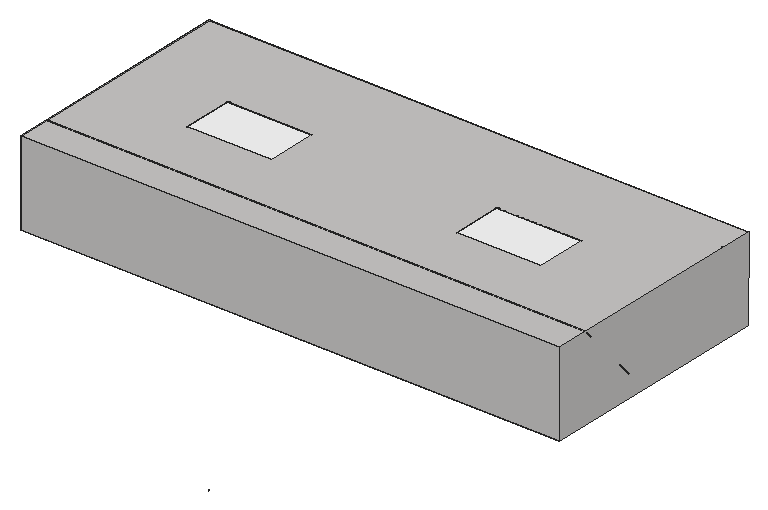
Revit family "QF_ELECTROLUXPROFESSIONAL_642034_EC1432T", category Specialty Equipment, Revit 2014
Reference planes
  plane 1: z = 0
  plane 2 "Center (Left/Right)": x = 150
  plane 3 "LEFT": x = -1450
  plane 4 "RIGHT": x = 1750
  plane 5 "BACK": y = 550
  plane 6 "TOP": z = 2500
  plane 7 "Base": z = 2000
  plane 8: z = 1946
  plane 9: x = -1447
  plane 10 "DrainX": x = 1599
  plane 11 "AOLeft2": x = -400
  plane 12 "AORight1": x = 700
  plane 13: x = 1747
  plane 14: x = -1250
  plane 15: x = 1550
  plane 16: x = 50
  plane 17: x = 250
  plane 18 "AOLeft1": x = -900
  plane 19 "AORight2": x = 1200
  plane 20: y = 0
  plane 21: y = -300
  plane 22: y = -150
  plane 23: y = -850
  plane 24: through (0, 260.354, 2382.279) normal (0, 0.766, -0.6428)
  plane 25: through (0, -560.351, 2382.279) normal (0, -0.766, -0.6428)
  plane 26: through (0, 272.154, 2402.468) normal (0, -0.753, 0.6581)
  plane 27: through (0, -572.152, 2402.468) normal (0, -0.753, -0.6581)
Forms (mm)
  Extrusion 1, solid, material "QF_Finishes_Stainless Steel"
    sketch origin (-1450, 0, 360) x (0, 1, 0) y (0, 0, 1)
      loop
        line (550, 1640) -> (550, 2140) -> (-850, 2140) -> (-850, 1640) -> (550, 1640)
    from 0 to 3
  Extrusion 2, solid, material "QF_Finishes_Stainless Steel"
    sketch origin (1750, 0, 360) x (0, 1, 0) y (0, 0, 1)
      loop
        line (550, 1640) -> (550, 2140) -> (-850, 2140) -> (-850, 1640) -> (550, 1640)
    from 0 to -3
  Extrusion 3, solid, material "QF_Finishes_Stainless Steel"
    sketch origin (150, 0, 360) x (0, 1, 0) y (0, 0, 1)
      loop
        line (-850, 2140) -> (-850, 1640) -> (-840, 1640) -> (-840, 1640.8) -> (-849.2, 1640.8) -> (-849.2, 2139.19) -> (549.2, 2139.19) -> (549.2, 1640.8) -> (540, 1640.8) -> (540, 1640) -> (550, 1640) -> (550, 2140) -> (-850, 2140)
    from -1600 to 1600
  Extrusion 4, solid, material "QF_Finishes_Stainless Steel"
    sketch origin (0, -600, 2000) x (0, 1, 0) y (-1, 0, 0)
      loop
        circle (450, -1599) r 6.35
    from -3.799 to 0
  Extrusion 5, void
    sketch origin (0, 400, 2500) x (0, 1, 0) y (-1, 0, 0)
      loop
        line (-400, 400) -> (-400, 900) -> (-700, 900) -> (-700, 400) -> (-400, 400)
    from 0 to -10
  Extrusion 6, solid, material "QF_Finishes_Stainless Steel"
    sketch origin (0, 0, 0) x (1, 0, 0) y (0, 1, 0)
      loop
        line (-1450, 550) -> (-1450, 549) -> (-1449, 549) -> (-1449, 550) -> (-1450, 550)
    from 0 to 1
  Extrusion 7, solid, material "QF_Finishes_Stainless Steel"
    sketch origin (150, 0, 360) x (0, 1, 0) y (0, 0, 1)
      loop
        line (-79.471, 1685.734) -> (-56.882, 1665.992) -> (272.154, 2042.468) -> (249.566, 2062.21) -> (-79.471, 1685.734)
      loop
        line (-572.152, 2042.468) -> (-243.115, 1665.992) -> (-220.526, 1685.734) -> (-549.563, 2062.21) -> (-572.152, 2042.468)
    from -1400 to -1597
  Extrusion 8, solid, material "QF_Finishes_Stainless Steel"
    sketch origin (150, 0, 360) x (0, 1, 0) y (0, 0, 1)
      loop
        line (260.354, 2022.279) -> (358.454, 2139.19) -> (357.41, 2139.19) -> (266.169, 2030.453) -> (264.331, 2031.996) -> (257.903, 2024.336) -> (260.354, 2022.279)
      loop
        line (-39.202, 1672.761) -> (-56.017, 1663.363) -> (-81.407, 1685.429) -> (-81.974, 1684.862) -> (-54.914, 1661.345) -> (-90.242, 1641.601) -> (-209.758, 1641.601) -> (-245.086, 1661.345) -> (-218.026, 1684.862) -> (-218.593, 1685.429) -> (-243.983, 1663.363) -> (-260.798, 1672.761) -> (-262.311, 1670.055) -> (-209.966, 1640.801) -> (-90.034, 1640.801) -> (-37.689, 1670.055) -> (-39.202, 1672.761)
      loop
        line (-560.354, 2022.279) -> (-557.903, 2024.336) -> (-564.331, 2031.996) -> (-566.169, 2030.453) -> (-657.41, 2139.19) -> (-658.454, 2139.19) -> (-560.354, 2022.279)
    from -1597 to 1597
  Extrusion 9, solid, material "QF_Finishes_Stainless Steel"
    sketch origin (150, 0, 360) x (0, 1, 0) y (0, 0, 1)
      loop
        line (272.154, 2042.468) -> (249.566, 2062.21) -> (-79.471, 1685.734) -> (-56.882, 1665.992) -> (272.154, 2042.468)
      loop
        line (-572.154, 2042.468) -> (-243.118, 1665.992) -> (-220.529, 1685.734) -> (-549.566, 2062.21) -> (-572.154, 2042.468)
    from 1597 to 1400
  Extrusion 10, solid, material "QF_Finishes_Stainless Steel"
    sketch origin (150, 0, 360) x (0, 1, 0) y (0, 0, 1)
      loop
        line (272.154, 2042.468) -> (249.566, 2062.21) -> (-79.471, 1685.734) -> (-56.882, 1665.992) -> (272.154, 2042.468)
      loop
        line (-572.154, 2042.468) -> (-243.118, 1665.992) -> (-220.529, 1685.734) -> (-549.566, 2062.21) -> (-572.154, 2042.468)
    from -100 to 100
  Extrusion 11, solid, material "QF_Finished_Chrome"
    sketch origin (150, 0, 360) x (0, 1, 0) y (0, 0, 1)
      loop
        line (249.566, 2062.21) -> (-79.471, 1685.734) -> (-56.882, 1665.992) -> (272.154, 2042.468) -> (249.566, 2062.21)
      loop
        line (-549.566, 2062.21) -> (-572.154, 2042.468) -> (-243.118, 1665.992) -> (-220.529, 1685.734) -> (-549.566, 2062.21)
    from -1400 to -100
  Extrusion 12, solid, material "QF_Finished_Chrome"
    sketch origin (150, 0, 360) x (0, 1, 0) y (0, 0, 1)
      loop
        line (272.154, 2042.468) -> (249.566, 2062.21) -> (-79.471, 1685.734) -> (-56.882, 1665.992) -> (272.154, 2042.468)
      loop
        line (-572.154, 2042.468) -> (-243.118, 1665.992) -> (-220.529, 1685.734) -> (-549.566, 2062.21) -> (-572.154, 2042.468)
    from 100 to 1400
  Sweep 13, solid, material "QF_Finishes_Stainless Steel"
    path origin (0, 0, 0) x (1, 0, 0) y (0, 1, 0)
      loop
        line (1750, 550) -> (-1450, 550) -> (-1450, -850) -> (1750, -850) -> (1750, 550)
    profile origin (1750, -150, 0) x (1, 0, 0) y (0, 0, 1)
      loop
        line (-3, 2000) -> (-3, 2000.8) -> (-19, 2000.8) -> (-19, 2010) -> (-20, 2010) -> (-20, 2000) -> (-3, 2000)
  Extrusion 14, void
    sketch origin (0, 400, 2500) x (0, 1, 0) y (-1, 0, 0)
      loop
        line (-400, -1200) -> (-400, -700) -> (-700, -700) -> (-700, -1200) -> (-400, -1200)
    from 0 to -10
  Extrusion 15, solid, material "QF_Finishes_Stainless Steel"
    sketch origin (1599, 0, 0) x (0, 1, 0) y (0, 0, 1)
      loop
        arc (-105.855, 1994.063) -> (-104.106, 1996.894) -> (-100.969, 1998.001) r 5
        line (-100.969, 1998.001) -> (-94.999, 1998.001) -> (-94.999, 2000.8) -> (-204.999, 2000.8) -> (-204.999, 1998.001) -> (-199.028, 1998.001)
        arc (-199.028, 1998.001) -> (-195.891, 1996.894) -> (-194.142, 1994.063) r 5
        line (-194.142, 1994.063) -> (-187.139, 1955.845)
        arc (-187.139, 1955.845) -> (-182.768, 1948.768) -> (-174.924, 1946) r 12.5
        line (-174.924, 1946) -> (-125.073, 1946)
        arc (-125.073, 1946) -> (-117.229, 1948.768) -> (-112.859, 1955.845) r 12.5
        line (-112.859, 1955.845) -> (-105.855, 1994.063)
    from -90 to 90
Cuts and joins
  Extrusion 5, Extrusion 14 cuts Extrusion 3
  joined: Extrusion 2, Extrusion 3, Sweep 13
Lines and regions (mm)
  symbolic lines, style "SpecialityEquipment", detail levels coarse
    curve 1: line (1750, 550, 2500) -> (-1450, 550, 2500)
    curve 2: line (-1450, 550, 2500) -> (-1450, -850, 2500)
    curve 3: line (1750, -850, 2500) -> (1750, 550, 2500)
    curve 4: line (-1450, 550, 0) -> (1750, -850, 0)
    curve 5: line (1750, 550, 0) -> (-1450, -850, 0)
  symbolic lines, detail levels coarse
    curve 6: line (-1450, -850, 0) -> (1750, -850, 0)
    curve 7: line (-400, 0, 0) -> (-900, 0, 0)
    curve 8: line (-400, -300, 0) -> (-400, 0, 0)
    curve 9: line (-900, -300, 0) -> (-400, -300, 0)
    curve 10: line (-900, 0, 0) -> (-900, -300, 0)
    curve 11: line (1200, 0, 0) -> (700, 0, 0)
    curve 12: line (1200, -300, 0) -> (1200, 0, 0)
    curve 13: line (700, -300, 0) -> (1200, -300, 0)
    curve 14: line (700, 0, 0) -> (700, -300, 0)
Dimensions and locks
  plane 3 "LEFT" to plane 4 "RIGHT" = 3200 mm
  equal spacing: plane 3 "LEFT", plane 2 "Center (Left/Right)", plane 4 "RIGHT"
  plane 3 "LEFT" to plane 9 = 3 mm
  plane 10 "DrainX" to plane 4 "RIGHT" = 151 mm
  plane 13 to plane 4 "RIGHT" = 3 mm
  plane 3 "LEFT" to plane 14 = 200 mm
  plane 15 to plane 4 "RIGHT" = 200 mm
  locked: plane 11 "AOLeft2" to plane 12 "AORight1" at 1100
  equal spacing: plane 11 "AOLeft2", plane 2 "Center (Left/Right)", plane 12 "AORight1"
  locked: plane 7 "Base" to level at 2000
  locked: plane 6 "TOP" to plane 7 "Base" at 500
  locked: plane 16 to plane 17 at 200
  equal spacing: plane 16, plane 2 "Center (Left/Right)", plane 17
  plane 18 "AOLeft1" to plane 11 "AOLeft2" = 500 mm
  plane 12 "AORight1" to plane 19 "AORight2" = 500 mm
  plane 5 "BACK" to plane 23 = 1400 mm  (x2)
  equal spacing: plane 5 "BACK", plane 22, plane 23
  locked: plane 20 to plane 21 at 300
  equal spacing: plane 20, plane 22, plane 21
  plane 7 "Base" to plane 8 = 54 mm
  aligned and locked: level to plane 1
  aligned and locked: plane 4 "RIGHT" to Extrusion 3
  aligned and locked: Extrusion 3 to plane 3 "LEFT"
  aligned and locked: Extrusion 7 to plane 9
  aligned and locked: Extrusion 7 to plane 14
  aligned and locked: Extrusion 2 to plane 13
  aligned and locked: plane 13 to Extrusion 9
  aligned and locked: plane 15 to Extrusion 9
  aligned and locked: plane 17 to Extrusion 10
  aligned and locked: Extrusion 10 to plane 16
  aligned and locked: plane 16 to Extrusion 11
  aligned and locked: Extrusion 11 to plane 14
  aligned and locked: Extrusion 12 to plane 17
  aligned and locked: Extrusion 12 to plane 15
  aligned and locked: Extrusion 8 to plane 9
  aligned and locked: plane 13 to Extrusion 8
  aligned and locked: Extrusion 5 to plane 18 "AOLeft1"
  aligned and locked: Extrusion 5 to plane 11 "AOLeft2"
  aligned and locked: plane 12 "AORight1" to Extrusion 14
  aligned and locked: plane 19 "AORight2" to Extrusion 14
  aligned and locked: plane 20 to curve 7
  aligned and locked: curve 9 to plane 21
  aligned and locked: plane 20 to curve 11
  aligned and locked: curve 13 to plane 21
  aligned and locked: plane 20 to Extrusion 5 sketch curve
  aligned and locked: Extrusion 5 sketch curve to plane 21
  aligned and locked: plane 20 to Extrusion 14 sketch curve
Automatic sketch dimensions
  Extrusion 1 sketch curve to plane 7 "Base" = 0 mm
  Extrusion 1 sketch curve to plane 5 "BACK" = 0 mm
  Extrusion 1 sketch curve to plane 6 "TOP" = 0 mm
  Extrusion 2 sketch curve to plane 7 "Base" = 0 mm
  Extrusion 2 sketch curve to plane 5 "BACK" = 0 mm
  Extrusion 2 sketch curve to plane 6 "TOP" = 0 mm
  Extrusion 3 sketch curve to plane 6 "TOP" = 0 mm
  Extrusion 3 sketch curve to plane 7 "Base" = 0 mm  (x2)
  Extrusion 3 sketch curve to plane 5 "BACK" = 0 mm
  Extrusion 3 sketch curve to Extrusion 3 sketch curve = 9.2 mm
  plane 7 "Base" to Extrusion 3 sketch curve = 0.8 mm  (x2)
  Extrusion 3 sketch curve to plane 5 "BACK" = 10 mm
  Extrusion 3 sketch curve to plane 5 "BACK" = 0.8 mm
  Extrusion 3 sketch curve to plane 6 "TOP" = 0.81 mm
  Extrusion 4 sketch curve to plane 10 "DrainX" = 0 mm
  Extrusion 5 sketch curve to plane 11 "AOLeft2" = 0 mm
  Extrusion 5 sketch curve to plane 18 "AOLeft1" = 0 mm
  Extrusion 6 sketch curve to plane 3 "LEFT" = 0 mm
  Extrusion 6 sketch curve to plane 5 "BACK" = 0 mm
  plane 3 "LEFT" to Extrusion 6 sketch curve = 1 mm
  Extrusion 6 sketch curve to Extrusion 6 sketch curve = 1 mm
  Sweep 13 sketch curve to plane 3 "LEFT" = 0 mm
  Sweep 13 sketch curve to plane 4 "RIGHT" = 0 mm
  Sweep 13 sketch curve to plane 5 "BACK" = 0 mm
  profile plane to Sweep 13 sketch curve = 20 mm
  Sweep 13 sketch curve to Sweep 13 sketch curve = 1 mm
  profile plane to Sweep 13 sketch curve = 3 mm
  level to Sweep 13 sketch curve = 2000 mm
  Sweep 13 sketch curve to Sweep 13 sketch curve = 0.8 mm
  Sweep 13 sketch curve to Sweep 13 sketch curve = 9.2 mm
  Extrusion 14 sketch curve to plane 11 "AOLeft2" = 1600 mm
  plane 18 "AOLeft1" to Extrusion 14 sketch curve = 1600 mm
  Extrusion 14 sketch curve to Extrusion 14 sketch curve = 300 mm
  Extrusion 1 sketch curve to plane 21 = 550 mm
  Extrusion 2 sketch curve to plane 21 = 550 mm
  Extrusion 3 sketch curve to plane 21 = 540 mm
  Extrusion 3 sketch curve to Extrusion 3 sketch curve = 0.8 mm
  Sweep 13 sketch curve to plane 21 = 550 mm
  curve 5 to plane 3 "LEFT" = 0 mm
  curve 4 to plane 3 "LEFT" = 0 mm
  curve 10 to plane 18 "AOLeft1" = 0 mm
  curve 8 to plane 11 "AOLeft2" = 0 mm
  curve 14 to plane 12 "AORight1" = 0 mm
  curve 12 to plane 19 "AORight2" = 0 mm
  curve 5 to plane 4 "RIGHT" = 0 mm
  curve 6 to plane 4 "RIGHT" = 0 mm
  curve 4 to plane 5 "BACK" = 0 mm
  curve 5 to plane 5 "BACK" = 0 mm
  curve 6 to plane 23 = 0 mm
  Extrusion 7 sketch curve to plane 26 = 0 mm  (x2)
  Extrusion 7 sketch curve to plane 6 "TOP" = 77.79 mm  (x2)
  plane 7 "Base" to Extrusion 7 sketch curve = 25.992 mm  (x2)
  plane 7 "Base" to Extrusion 7 sketch curve = 45.734 mm
  Extrusion 7 sketch curve to plane 27 = 0 mm
  plane 27 to Extrusion 7 sketch curve = 0 mm
  Extrusion 7 sketch curve to plane 22 = 70.526 mm
  Extrusion 11 sketch curve to plane 26 = 0 mm  (x2)
  Extrusion 11 sketch curve to plane 21 = 272.154 mm
  Extrusion 11 sketch curve to plane 6 "TOP" = 77.79 mm  (x2)
  Extrusion 11 sketch curve to Extrusion 11 sketch curve = 22.589 mm
  plane 7 "Base" to Extrusion 11 sketch curve = 25.992 mm  (x2)
  plane 21 to Extrusion 11 sketch curve = 56.882 mm
  plane 22 to Extrusion 11 sketch curve = 70.529 mm
  Extrusion 10 sketch curve to plane 26 = 0 mm  (x2)
  Extrusion 10 sketch curve to plane 21 = 272.154 mm
  Extrusion 10 sketch curve to plane 6 "TOP" = 77.79 mm  (x2)
  Extrusion 10 sketch curve to Extrusion 10 sketch curve = 22.589 mm
  plane 7 "Base" to Extrusion 10 sketch curve = 25.992 mm  (x2)
  plane 21 to Extrusion 10 sketch curve = 56.882 mm
  plane 22 to Extrusion 10 sketch curve = 70.529 mm
  Extrusion 12 sketch curve to plane 26 = 0 mm  (x2)
  Extrusion 12 sketch curve to plane 21 = 272.154 mm
  Extrusion 12 sketch curve to plane 6 "TOP" = 77.79 mm  (x2)
  Extrusion 12 sketch curve to Extrusion 12 sketch curve = 22.589 mm
  plane 7 "Base" to Extrusion 12 sketch curve = 25.992 mm  (x2)
  plane 21 to Extrusion 12 sketch curve = 56.882 mm
  plane 22 to Extrusion 12 sketch curve = 70.529 mm
  Extrusion 9 sketch curve to plane 26 = 0 mm  (x2)
  Extrusion 9 sketch curve to plane 21 = 272.154 mm
  Extrusion 9 sketch curve to plane 6 "TOP" = 77.79 mm  (x2)
  Extrusion 9 sketch curve to Extrusion 9 sketch curve = 22.589 mm
  plane 7 "Base" to Extrusion 9 sketch curve = 25.992 mm  (x2)
  plane 21 to Extrusion 9 sketch curve = 56.882 mm
  plane 22 to Extrusion 9 sketch curve = 70.529 mm
  Extrusion 4 sketch curve to plane 22 = 0 mm
  plane 7 "Base" to Extrusion 15 sketch curve = 0.8 mm
  Extrusion 15 sketch curve to plane 22 = 54.999 mm
  Extrusion 15 sketch curve to Extrusion 15 sketch curve = 5.97 mm  (x2)
  Extrusion 15 sketch curve to Extrusion 15 sketch curve = 4.886 mm  (x2)
  plane 8 to Extrusion 15 sketch curve = 9.845 mm  (x2)
  Extrusion 15 sketch curve to Extrusion 15 sketch curve = 7.004 mm  (x2)
  plane 8 to Extrusion 15 sketch curve = 12.5 mm
  Extrusion 15 sketch curve to Extrusion 15 sketch curve = 12.215 mm  (x2)
  plane 22 to Extrusion 15 sketch curve = 24.927 mm
  Extrusion 15 sketch curve to plane 7 "Base" = 5.937 mm
  Extrusion 15 sketch curve to plane 7 "Base" = 1.999 mm  (x2)
  Extrusion 15 sketch curve to Extrusion 15 sketch curve = 1.062 mm
  plane 24 to Extrusion 8 sketch curve = 0 mm  (x2)
  Extrusion 8 sketch curve to plane 6 "TOP" = 0.81 mm  (x2)
  plane 23 to Extrusion 8 sketch curve = 191.546 mm
  Extrusion 8 sketch curve to Extrusion 8 sketch curve = 1.044 mm
  Extrusion 8 sketch curve to plane 6 "TOP" = 109.547 mm  (x2)
  Extrusion 8 sketch curve to Extrusion 8 sketch curve = 91.241 mm
  Extrusion 8 sketch curve to plane 6 "TOP" = 108.004 mm  (x2)
  Extrusion 8 sketch curve to plane 6 "TOP" = 117.721 mm
  plane 21 to Extrusion 8 sketch curve = 37.689 mm
  plane 7 "Base" to Extrusion 8 sketch curve = 32.761 mm
  Extrusion 8 sketch curve to Extrusion 8 sketch curve = 1.512 mm
  plane 7 "Base" to Extrusion 8 sketch curve = 21.345 mm  (x2)
  Extrusion 8 sketch curve to Extrusion 8 sketch curve = 17.225 mm
  plane 7 "Base" to Extrusion 8 sketch curve = 23.363 mm  (x2)
  Extrusion 8 sketch curve to Extrusion 8 sketch curve = 1.103 mm  (x2)
  Extrusion 8 sketch curve to Extrusion 8 sketch curve = 25.389 mm  (x2)
  Extrusion 8 sketch curve to Extrusion 8 sketch curve = 0.567 mm  (x4)
  plane 7 "Base" to Extrusion 8 sketch curve = 0.801 mm
  plane 7 "Base" to Extrusion 8 sketch curve = 1.601 mm
  plane 22 to Extrusion 8 sketch curve = 59.758 mm
  Extrusion 8 sketch curve to Extrusion 8 sketch curve = 0.208 mm  (x2)
  Extrusion 8 sketch curve to Extrusion 8 sketch curve = 8.268 mm
  Extrusion 8 sketch curve to Extrusion 8 sketch curve = 16.816 mm
  plane 7 "Base" to Extrusion 8 sketch curve = 30.055 mm
  Extrusion 8 sketch curve to plane 6 "TOP" = 115.664 mm
  plane 20 to Extrusion 8 sketch curve = 257.903 mm
  Extrusion 8 sketch curve to Extrusion 8 sketch curve = 21.498 mm  (x2)
  curve 2 to plane 3 "LEFT" = 0 mm
  curve 2 to plane 23 = 0 mm
  curve 3 to plane 4 "RIGHT" = 0 mm
  curve 3 to plane 23 = 0 mm
  curve 2 to plane 5 "BACK" = 0 mm
  radius of Extrusion 4 sketch curve = 6.35 mm
Connectors
  piping at (1599, -150, 1996.201), diameter 12.7
    settings: on Extrusion 4, index 1, connector inside diameter 609.6 mm, connector length 0 mm, flow factor 0, pipe flow 0.0 L/s, pressure drop 0.0 Pa, fitting loss kfactor 0, connector angle 0.00°, fixture units 0, engagement length 0 mm, angle of deflection 0.00°, flow configuration 1, flow direction 2, fitting loss method 0, system type 16, joint type 0, gender type 0, connector reference index -1, connector utility 0, adjustable connector no, is connector primary yes, connector description "Drain"
  hvac at (-650, -150, 2500)
    settings: on Extrusion 5, index 2, duct flow 0.0 L/s, flow factor 0, pres drop 0.0 Pa, loss coef 0, conn angle 0.00°, conn width 300 mm, conn height 500 mm, conn diameter 609.6 mm, duct sys type 3, conn prof type 1, flow config 1, flow direction 2, loss method 0, conn ref index -1, conn util no, is conn primary yes, conn desc "EXHAUST OUTLET"
  hvac at (950, -150, 2500)
    settings: on Extrusion 14, index 3, duct flow 0.0 L/s, flow factor 0, pres drop 0.0 Pa, loss coef 0, conn angle 0.00°, conn width 300 mm, conn height 500 mm, conn diameter 609.6 mm, duct sys type 3, conn prof type 1, flow config 1, flow direction 2, loss method 0, conn ref index -1, conn util no, is conn primary no, conn desc "EXHAUST OUTLET"
